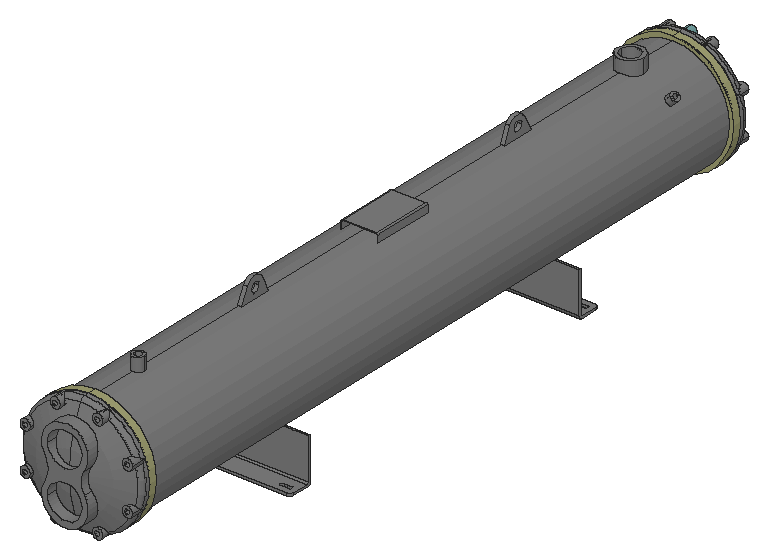
Revit family "MIT-BCM_450_4P", category Specialty Equipment, Revit 2022
Family settings
  Round Connector Dimension = Use Radius
  Part Type = Normal
  Work Plane-Based = No
  Always vertical = Yes
  Cut with Voids When Loaded = No
  Maintain Annotation Orientation = No
  Shared = No
  Room Calculation Point = No
Parameters
  URL = "https://en.ekinendustriyel.com/evaporators-and-condensers"
  Test Pressure = 64.35 bar
  Production Standard = "TS EN 13831"
  Operating Pressure = 45.0 bar
  Model = "MIT-BCM 450_4P"
  Manufacturer = "Ekin Endüstriyel"
  Keynote = "Condensers"
  Description = "MIT- Condensers"
  Default Elevation = 0 mm
Reference planes
  plane 1 "Center (Front/Back)": y = 0
  plane 2: z = 0
  plane 3 "Center (Left/Right)": x = 0
Forms (mm)
  Extrusion 1, solid, material "Ekin Endustriyel-S235JR", detail levels medium+fine
    sketch origin (0, 0, 0) x (1, 0, 0) y (0, 0, 1)
      loop
        circle (0, 216.5) r 136.55
    from -880 to 880
  Extrusion 2, solid, material "Ekin Endustriyel-S235JR", detail levels fine
    sketch origin (0, 0, 109.887) x (1, 0, 0) y (0, 0, 1)
      loop
        line (-45, 235.88) -> (-44, 235.88) -> (-44, 252.88)
        arc (-44, 252.88) -> (-43.414, 254.294) -> (-42, 254.88) r 2
        line (-42, 254.88) -> (42, 254.88)
        arc (42, 254.88) -> (43.414, 254.294) -> (44, 252.88) r 2
        line (44, 252.88) -> (44, 235.88) -> (45, 235.88) -> (45, 252.88)
        arc (45, 252.88) -> (44.121, 255.002) -> (42, 255.88) r 3
        line (42, 255.88) -> (-42, 255.88)
        arc (-42, 255.88) -> (-44.121, 255.002) -> (-45, 252.88) r 3
        line (-45, 252.88) -> (-45, 235.88)
    from -75 to 75
  Extrusion 3, solid, material "Ekin Endustriyel-S235JR", detail levels medium+fine
    sketch origin (0, 500.19, 28.671) x (1, 0, 0) y (0, 1, 0)
      loop
        circle (0, 249.81) r 32.5
      loop
        circle (0, 249.81) r 23.144
    from 354.329 to 306.293
  Extrusion 4, solid, material "Ekin Endustriyel-S235JR", detail levels medium+fine
    sketch origin (0, -499.666, 25.55) x (1, 0, 0) y (0, 1, 0)
      loop
        circle (0, -250.334) r 15
      loop
        circle (0, -250.334) r 8.928
    from 357.653 to 211.07
  Extrusion 5, solid, material "Ekin Endustriyel-S235JR", detail levels medium+fine
    sketch origin (71.72, 749.856, 264.541) x (0, 1, 0) y (-0.707107, 0, 0.707107)
      loop
        circle (0.144, 16.744) r 11
      loop
        circle (0.144, 16.744) r 6.244
    from 69.372 to -32.02
  Extrusion 6, solid, material "Ekin Endustriyel-S235JR", detail levels medium+fine
    sketch origin (0, -500.291, 0) x (1, 0, 0) y (0, 1, 0)
      loop
        circle (0, -249.709) r 25
      loop
        circle (0, -249.709) r 20.109
    from 50 to 169.15
  Extrusion 7, solid, material "Ekin Endustriyel-S235JR", detail levels coarse
    sketch origin (0, 0, 12.15) x (1, 0, 0) y (0, 0, 1)
      loop
        circle (0, 204.35) r 147.5
    from -958 to 963
  Extrusion 8, solid, material "Ekin Endustriyel-S235JR", detail levels medium+fine
    sketch origin (0, -275.334, 0) x (0, -1, 0) y (0, 0, -1)
      loop
        line (134.666, -9) -> (134.666, -110) -> (139.666, -110) -> (139.666, -9)
        arc (139.666, -9) -> (140.837, -6.172) -> (143.666, -5) r 4
        line (143.666, -5) -> (194.666, -5) -> (194.666, 0) -> (143.666, 0)
        arc (143.666, 0) -> (137.302, -2.636) -> (134.666, -9) r 9
    from -147.5 to 147.5
  Extrusion 9, void
    sketch origin (0, -470, 5) x (0, 1, 0) y (-1, 0, 0)
      loop
        arc (25.25, -111) -> (20, -105.75) -> (14.75, -111) r 5.25
        line (14.75, -111) -> (14.75, -131)
        arc (14.75, -131) -> (20, -136.25) -> (25.25, -131) r 5.25
        line (25.25, -131) -> (25.25, -111)
      loop
        arc (10, -147.5) -> (2.929, -144.571) -> (0, -137.5) r 10
        line (0, -137.5) -> (0, 137.5)
        arc (0, 137.5) -> (2.929, 144.571) -> (10, 147.5) r 10
        line (10, 147.5) -> (-10, 147.5) -> (-10, -147.5) -> (10, -147.5)
      loop
        line (14.75, 131) -> (14.75, 111)
        arc (14.75, 111) -> (20, 105.75) -> (25.25, 111) r 5.25
        line (25.25, 111) -> (25.25, 131)
        arc (25.25, 131) -> (20, 136.25) -> (14.75, 131) r 5.25
    from -5 to 0
  Extrusion 10, solid, material "Ekin Endustriyel-S235JR", detail levels medium+fine
    sketch origin (40, -549.666, 12.133) x (1, 0, 0) y (0, 0, 1)
      loop
        circle (-40, 261.867) r 42.65
      loop
        circle (-40, 146.867) r 42.65
      loop
        arc (7.514, 231.018) -> (-40, 318.517) -> (-87.514, 231.018) r 56.65
        arc (-87.514, 231.018) -> (-80.172, 204.367) -> (-87.514, 177.716) r 52.041
        arc (-87.514, 177.716) -> (-40, 90.217) -> (7.514, 177.716) r 56.65
        arc (7.514, 177.716) -> (0.172, 204.367) -> (7.514, 231.018) r 52.041
    from 390.526 to 423.361
  Extrusion 11, solid, material "Ekin Endustriyel-S235JR", detail levels medium+fine
    sketch origin (0, -549.666, 12.133) x (1, 0, 0) y (0, 0, -1)
      loop
        circle (-51.638, -329.097) r 12.5
      loop
        circle (-51.662, -329.09) r 6.25
      loop
        circle (51.638, -329.097) r 12.5
      loop
        circle (51.662, -329.09) r 6.25
      loop
        circle (-51.638, -79.637) r 12.5
      loop
        circle (-51.662, -79.643) r 6.25
      loop
        circle (51.638, -79.637) r 12.5
      loop
        circle (51.662, -79.643) r 6.25
      loop
        circle (-124.73, -152.728) r 12.5
      loop
        circle (-124.724, -152.704) r 6.25
      loop
        circle (-124.73, -256.005) r 12.5
      loop
        circle (-124.724, -256.029) r 6.25
      loop
        circle (124.73, -152.728) r 12.5
      loop
        circle (124.724, -152.704) r 6.25
      loop
        circle (124.73, -256.005) r 12.5
      loop
        circle (124.724, -256.029) r 6.25
    from -388.334 to -355.334
  Extrusion 12, solid, material "Ekin Endustriyel-S235JR", detail levels fine
    sketch origin (0, -0.334, 79.238) x (0, -1, 0) y (0, 0, -1)
      loop
        line (-440.334, -273.721) -> (-422.806, -309.676)
        arc (-422.806, -309.676) -> (-400.334, -323.721) -> (-377.863, -309.676) r 25
        line (-377.863, -309.676) -> (-360.334, -273.721) -> (-440.334, -273.721)
      loop
        circle (-400.334, -298.721) r 12.5
      loop
        line (439.666, -273.721) -> (359.666, -273.721) -> (377.194, -309.676)
        arc (377.194, -309.676) -> (399.666, -323.721) -> (422.137, -309.676) r 25
        line (422.137, -309.676) -> (439.666, -273.721)
      loop
        circle (399.666, -298.721) r 12.5
    from -5 to 5
  Extrusion 13, solid, material "Ekin Endustriyel-AISI316L", detail levels medium+fine
    sketch origin (0, -549.666, 12.133) x (1, 0, 0) y (0, 0, 1)
      loop
        circle (0, 204.367) r 147.5
    from 330.334 to 350.334
  Revolve 14, solid, material "Ekin Endustriyel-S235JR", detail levels medium+fine
    sketch origin (0, -549.666, 12.133) x (0, 1, 0) y (0, 0, 1)
      loop
        line (-350.334, 351.867) -> (-361.403, 351.867)
        arc (-361.403, 351.867) -> (-369.114, 349.693) -> (-374.553, 343.811) r 14.761
        arc (-374.553, 343.811) -> (-399.668, 276.073) -> (-408.463, 204.367) r 310.769
        line (-408.463, 204.367) -> (-350.334, 204.367) -> (-350.334, 351.867)
      axis (-350.334, 204.367) -> (-408.463, 204.367)
    angle from 0 to 360
  Extrusion 15, solid, material "Ekin Endustriyel-S235JR", detail levels medium+fine
    sketch origin (0, 275.334, 0) x (0, 1, 0) y (0, 0, 1)
      loop
        arc (134.666, 9) -> (137.302, 2.636) -> (143.666, 0) r 9
        line (143.666, 0) -> (194.666, 0) -> (194.666, 5) -> (143.666, 5)
        arc (143.666, 5) -> (140.837, 6.172) -> (139.666, 9) r 4
        line (139.666, 9) -> (139.666, 110) -> (134.666, 110) -> (134.666, 9)
    from -147.5 to 147.5
  Extrusion 16, void
    sketch origin (0, 470, 5) x (0, -1, 0) y (1, 0, 0)
      loop
        line (25.25, 111) -> (25.25, 131)
        arc (25.25, 131) -> (20, 136.25) -> (14.75, 131) r 5.25
        line (14.75, 131) -> (14.75, 111)
        arc (14.75, 111) -> (20, 105.75) -> (25.25, 111) r 5.25
      loop
        line (10, 147.5) -> (-10, 147.5) -> (-10, -147.5) -> (10, -147.5)
        arc (10, -147.5) -> (2.929, -144.571) -> (0, -137.5) r 10
        line (0, -137.5) -> (0, 137.5)
        arc (0, 137.5) -> (2.929, 144.571) -> (10, 147.5) r 10
      loop
        arc (14.75, -131) -> (20, -136.25) -> (25.25, -131) r 5.25
        line (25.25, -131) -> (25.25, -111)
        arc (25.25, -111) -> (20, -105.75) -> (14.75, -111) r 5.25
        line (14.75, -111) -> (14.75, -131)
    from -5 to 0
  Extrusion 17, solid, material "Ekin Endustriyel-Zinc", detail levels medium+fine
    sketch origin (0, 549.666, 12.133) x (1, 0, 0) y (0, 0, 1)
      loop
        circle (0, 336.597) r 12.5
    from -388.334 to -355.334
  Extrusion 18, solid, material "Ekin Endustriyel-AISI316L", detail levels medium+fine
    sketch origin (0, 549.666, 12.133) x (1, 0, 0) y (0, 0, -1)
      loop
        circle (0, -204.367) r 147.5
    from 330.334 to 350.334
  Revolve 19, solid, material "Ekin Endustriyel-S235JR", detail levels medium+fine
    sketch origin (0, 549.666, 12.133) x (0, -1, 0) y (0, 0, -1)
      loop
        line (-350.334, -351.867) -> (-350.334, -204.367) -> (-408.463, -204.367)
        arc (-408.463, -204.367) -> (-399.668, -276.073) -> (-374.553, -343.811) r 310.769
        arc (-374.553, -343.811) -> (-369.114, -349.693) -> (-361.403, -351.867) r 14.761
        line (-361.403, -351.867) -> (-350.334, -351.867)
      axis (-350.334, -204.367) -> (-408.463, -204.367)
    angle from 0 to 360
  Extrusion 20, solid, material "Ekin Endustriyel-S235JR", detail levels medium+fine
    sketch origin (0, 549.666, 12.133) x (1, 0, 0) y (0, 0, 1)
      loop
        circle (-51.638, 329.097) r 12.5
      loop
        circle (-51.662, 329.09) r 6.25
      loop
        circle (51.638, 329.097) r 12.5
      loop
        circle (51.662, 329.09) r 6.25
      loop
        circle (-51.638, 79.637) r 12.5
      loop
        circle (-51.662, 79.643) r 6.25
      loop
        circle (51.638, 79.637) r 12.5
      loop
        circle (51.662, 79.643) r 6.25
      loop
        circle (-124.73, 152.728) r 12.5
      loop
        circle (-124.724, 152.704) r 6.25
      loop
        circle (-124.73, 256.005) r 12.5
      loop
        circle (-124.724, 256.029) r 6.25
      loop
        circle (124.73, 152.728) r 12.5
      loop
        circle (124.724, 152.704) r 6.25
      loop
        circle (124.73, 256.005) r 12.5
      loop
        circle (124.724, 256.029) r 6.25
      loop
        circle (0, 72.137) r 12.5
    from -388.334 to -355.334
  Extrusion 21, solid, material "Ekin Endustriyel-S235JR", detail levels medium+fine
    sketch origin (0, 549.666, 12.133) x (1, 0, 0) y (0, 0, 1)
      loop
        circle (53.033, 257.4) r 17.538
      loop
        circle (-53.033, 151.334) r 17.462
    from -408.334 to -355.334
Cuts and joins
  Extrusion 9, Extrusion 16 cuts Extrusion 8
  Extrusion 16 cuts Extrusion 15
  joined: Extrusion 1, Extrusion 3, Extrusion 4, Extrusion 5, Extrusion 6, Extrusion 8, Extrusion 15
Dimensions and locks
  aligned and locked: level to plane 2
Connectors
  piping at (0, -973.026, 274), diameter 76.2
    settings: on Extrusion 10, index 1, connector inside diameter 609.6 mm, connector length 0 mm, flow factor 0, pipe flow 0.0 L/s, pressure drop 0.0 Pa, fitting loss kfactor 0, connector angle 0.00°, fixture units 0, engagement length 0 mm, angle of deflection 0.00°, flow configuration 0, flow direction 1, fitting loss method 0, system type 7, joint type 0, gender type 0, connector reference index -1, connector utility 0, adjustable connector no, is connector primary yes, connector description ""
  piping at (0, -973.026, 159), diameter 76.2
    settings: on Extrusion 10, index 2, connector inside diameter 609.6 mm, connector length 0 mm, flow factor 0, pipe flow 0.0 L/s, pressure drop 0.0 Pa, fitting loss kfactor 0, connector angle 0.00°, fixture units 0, engagement length 0 mm, angle of deflection 0.00°, flow configuration 0, flow direction 2, fitting loss method 0, system type 7, joint type 0, gender type 0, connector reference index -1, connector utility 0, adjustable connector no, is connector primary no, connector description ""
  hvac at (0, 750, 383)
    settings: on Extrusion 3, index 3, duct flow 0.0 L/s, flow factor 0, pres drop 0.0 bar, loss coef 0, conn angle 0.00°, conn width 304.8 mm, conn height 304.8 mm, conn diameter 54 mm, duct sys type 3, conn prof type 0, flow config 0, flow direction 0, loss method 0, conn ref index -1, conn util no, is conn primary yes, conn desc ""
  hvac at (0, -750, 50)
    settings: on Extrusion 6, index 4, duct flow 0.0 L/s, flow factor 0, pres drop 0.0 bar, loss coef 0, conn angle 0.00°, conn width 304.8 mm, conn height 304.8 mm, conn diameter 42 mm, duct sys type 3, conn prof type 0, flow config 0, flow direction 0, loss method 0, conn ref index -1, conn util no, is conn primary no, conn desc ""
